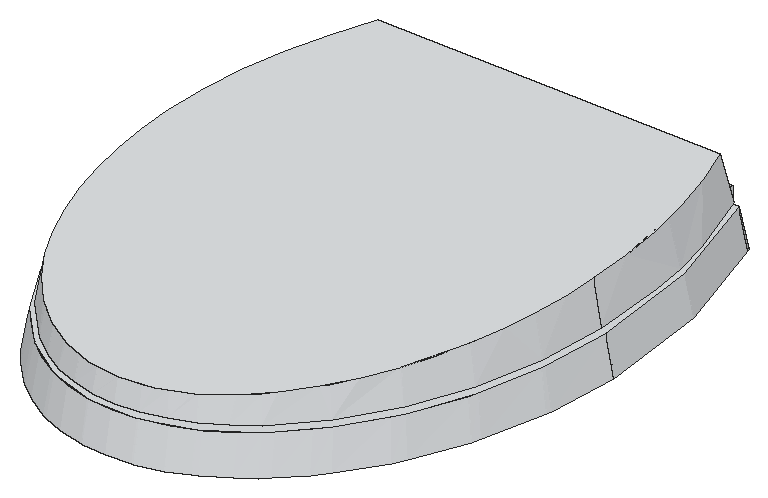
Revit family "Seat-Toilet_Transitional_SoftClose_SS114_TOTO", category Plumbing Fixtures, Revit 2013
Parameters
  ecoScorecard_data = " "
  ecoScorecard Product Page = "  "
  Width = 14 11/64"  # constant formula
  Waste Connection = no
  Warranty URL = "http://www.totousa.com/warranty-registration"
  Warranty = "One Year Limited Warranty"  # constant formula
  Vent Connection = no
  URL = "http://www.totousa.com"
  Toto BIM Number = "BM-00200"  # constant formula
  Symbolic Lines [instance] = not(Lid)  # no
  Subcategory = "Seats"  # constant formula
  Style = "Transitional"  # constant formula
  Spec Sheet URL = "http://assets.totousa.com/product-files/SS-00339_SS113_SS114.pdf"
  Shipping Weight = 6.60 lbf
  Series = "Soiree"  # constant formula
  Product Page URL = " "
  Parts Manual URL = " "
  Model = "SS114"  # constant formula
  Material = "Polypropylene"  # constant formula
  Manufacturer Toll Free Phone = "1-888-295-8134"  # constant formula
  Manufacturer Phone = "(770) 282-8686"  # constant formula
  Manufacturer Fax = "(770) 282-0002"  # constant formula
  Manufacturer Email = "mailto:custservice@totousa.com "
  Manufacturer Address = "1155 Southern Road, Morrow, Georgia 30260"  # constant formula
  Manufacturer = "TOTO USA, Inc."  # constant formula
  Lid [instance] = yes
  Length = 19 19/64"  # constant formula
  Industry Standards = "Meets and exceeds ASME A112.4.2, ASME A112.18.1/CSA B125.1, UL 1431, CSA C22.2 #68"  # constant formula
  Height = 2 5/8"  # constant formula
  HW Connection = no
  Finish = Plastic - TOTO - 01 Cotton
  Description = "Elongated Softclose Seat"  # constant formula
  Cost Info = "mailto:custservice@totousa.com"
  Color Availability = "#01 Cotton, #03 Bone, #11 Colonial White, #12 Sedona Beige, #51 Ebony"  # constant formula
  Code Compliance = "UPC, IPC, NSPC, NPC Canada, and others"  # constant formula
  Certification = "IAPMO(cUPC), Intertek, State of Massachusetts, City of Los Angeles and others"  # constant formula
  CW Connection = no
  CAD Drawing URL = "http://assets.totousa.com/product-files/AD-00218_SS214.dxf"
  Bowl Type = "Elongated"  # constant formula
  Assembly Code = "D2090900"
  95 CSI = "15416"  # constant formula
  04 CSI = "22 41 39"  # constant formula
Reference planes (in)
  plane 1 "Center (Front/Back)": y = 0
  plane 2: z = 0
  plane 3 "Center (Left/Right)": x = 0
  plane 4: x = -7.08594
  plane 5: x = 7.08594
  plane 6: y = 9.64844
  plane 7: y = -9.64844
  plane 8: z = 2.625
Dimensions and locks (in)
  equal spacing: plane 4, plane 3 "Center (Left/Right)", plane 5
  "Width": plane 4 to plane 5
  equal spacing: plane 7, plane 1 "Center (Front/Back)", plane 6
  "Length": plane 7 to plane 6
  "Height": plane 8 to level
  aligned and locked: plane 3 "Center (Left/Right)" to nested 1
  aligned and locked: plane 1 "Center (Front/Back)" to nested 1
  aligned and locked: nested 1 to plane 2
Nested families (in)
  nested 1: "SS114" at (0, 0, 0), type "SS114"
    with Symbolic Lines no, Lid Visibility yes
Definition of nested family "SS114"
  Parameters (values of type "01 Cotton")
    ecoScorecard_data = ""
    ecoScorecard Product Page = ""
    Waste Connection = no
    Vent Connection = no
    URL = "http://www.totousa.com"
    Toto Version = "V.01"  # constant formula
    Toto BIM Number = "BM-00200"  # constant formula
    Symbolic Lines [instance] = not(Lid Visibility)  # no
    Subcategory = "Seats"  # constant formula
    Shipping Weight = 6.60 lbf
    Seat Material = Plastic - TOTO - 01 Cotton
    Product URL = "http://www.totousa.com/ProductDetail/tabid/75/Default.aspx?ProductId=b8c3ad53-0f6f-4c2f-ba40-91fbb6f4710e&SearchId=71727e92-cec9-4efa-9909-0100ff9cb38b"
    Nominal Width = 14 11/64"  # constant formula
    Nominal Length = 19 19/64"  # constant formula
    Nominal Height = 2 5/8"  # constant formula
    Model = "SS114"  # constant formula
    Manufacturer = "TOTO"  # constant formula
    Lid Visibility [instance] = yes
    HW Connection = no
    Description = "Elongated Softclose Seat"
    CW Connection = no
    CADworks URL = "http://www.CADworks.net"
    Assembly Code = "D2090900"
  Types (6): name | Seat Material
    SS114 | Plastic - TOTO - 01 Cotton
    51 Ebony | Plastic - TOTO - 51 Ebony
    12 Sedona Beige | Plastic - TOTO - 12 Sedona Beige
    11 Colonial White | Plastic - TOTO - 11 Colonial White
    03 Bone | Plastic - TOTO - 03 Bone
    01 Cotton | Plastic - TOTO - 01 Cotton
  Reference planes (in)
    plane 1 "Center (Front/Back)": y = 0
    plane 2: z = 0
    plane 3 "Center (Left/Right)": x = 0
    plane 4: z = 1.25
    plane 5: z = 1.125
    plane 6: z = 2.625
    plane 7: y = 9.64844
    plane 8: x = 7.08594
    plane 9: x = -7.08594
    plane 10: y = -9.64844
  Forms (in)
    Blend 1, solid, material "Plastic - TOTO - 01 Cotton" <- "Seat Material", detail levels fine
      base sketch origin (0, -0.00195, 0) x (0, -1, 0) y (1, 0, 0)
        loop
          line (-6.80611, 4.11417) -> (-6.80611, -4.11417) -> (-8.28074, -4.11417) -> (-8.28074, -4.70472) -> (-7.91727, -4.70472) -> (-7.81803, -5.4109)
          arc (-7.81803, -5.4109) -> (-7.74234, -5.59105) -> (-7.5876, -5.71039) r 0.38281
          arc (-7.5876, -5.71039) -> (-4.25323, -6.73861) -> (-0.78125, -7.08594) r 17.527
          spline (-0.78125, -7.08594) -> (1.91765, -6.84449) -> (4.43262, -6.1366) -> (6.59227, -5.01051) -> (8.24943, -3.54297) -> (9.29117, -1.83398) -> (9.64648, 0) -> (9.29117, 1.83398) -> (8.24943, 3.54297) -> (6.59227, 5.01051) -> (4.43262, 6.1366) -> (1.91765, 6.84449) -> (-0.78125, 7.08594)
          arc (-0.78125, 7.08594) -> (-4.25323, 6.73861) -> (-7.5876, 5.71039) r 17.527
          arc (-7.5876, 5.71039) -> (-7.74234, 5.59105) -> (-7.81803, 5.4109) r 0.38281
          line (-7.81803, 5.4109) -> (-7.91727, 4.70472) -> (-8.28074, 4.70472) -> (-8.28074, 4.11417) -> (-6.80611, 4.11417)
      top sketch origin (0, -0.00195, 0) x (0, -1, 0) y (1, 0, 0)
        loop
          line (-6.80611, -4.11417) -> (-8.28074, -4.11417) -> (-8.28074, -4.70472) -> (-7.6806, -4.70472) -> (-7.58408, -5.39144)
          arc (-7.58408, -5.39144) -> (-7.5594, -5.45023) -> (-7.50893, -5.4892) r 0.125
          arc (-7.50893, -5.4892) -> (-4.21337, -6.50755) -> (-0.78125, -6.85156) r 17.29262
          spline (-0.78125, -6.85156) -> (1.83368, -6.62327) -> (4.27583, -5.95243) -> (6.38358, -4.8798) -> (8.01532, -3.46923) -> (9.05393, -1.80544) -> (9.41202, 0) -> (9.05393, 1.80544) -> (8.01532, 3.46923) -> (6.38358, 4.8798) -> (4.27583, 5.95243) -> (1.83368, 6.62327) -> (-0.78125, 6.85156)
          arc (-0.78125, 6.85156) -> (-4.21337, 6.50755) -> (-7.50893, 5.4892) r 17.29262
          arc (-7.50893, 5.4892) -> (-7.5594, 5.45023) -> (-7.58408, 5.39144) r 0.125
          line (-7.58408, 5.39144) -> (-7.6806, 4.70472) -> (-8.28074, 4.70472) -> (-8.28074, 4.11417) -> (-6.80611, 4.11417) -> (-6.80611, -4.11417)
      from 0 to 1.125
    Extrusion 2, void
      sketch origin (0, -0.00195, 0) x (0, -1, 0) y (1, 0, 0)
        loop
          spline (-0.81063, 3.93701) -> (-1.82338, 3.80286) -> (-2.76711, 3.40955) -> (-3.57751, 2.78388) -> (-4.19936, 1.9685) -> (-4.59026, 1.01897) -> (-4.72359, 0) -> (-4.59026, -1.01897) -> (-4.19936, -1.9685) -> (-3.57751, -2.78388) -> (-2.76711, -3.40955) -> (-1.82338, -3.80286) -> (-0.81063, -3.93701)
          spline (-0.81063, -3.93701) -> (1.23354, -3.80286) -> (3.1384, -3.40955) -> (4.77414, -2.78388) -> (6.02929, -1.9685) -> (6.81831, -1.01897) -> (7.08743, 0) -> (6.81831, 1.01897) -> (6.02929, 1.9685) -> (4.77414, 2.78388) -> (3.1384, 3.40955) -> (1.23354, 3.80286) -> (-0.81063, 3.93701)
      from 0 to 1.125
    Extrusion 3, solid, material "Plastic - TOTO - 01 Cotton" <- "Seat Material", detail levels fine
      sketch origin (0, -0.00195, 0) x (0, -1, 0) y (1, 0, 0)
        loop
          line (-6.93239, 3.4252) -> (-8.96681, 3.4252)
          arc (-8.96681, 3.4252) -> (-9.48112, 3.18633) -> (-9.63042, 2.63925) r 0.67313
          arc (-9.63042, 2.63925) -> (-9.40769, 0) -> (-9.63042, -2.63925) r 15.74803
          arc (-9.63042, -2.63925) -> (-9.48112, -3.18633) -> (-8.96681, -3.4252) r 0.67313
          line (-8.96681, -3.4252) -> (-6.93239, -3.4252) -> (-6.93239, 3.4252)
        loop
          arc (-8.77461, -2.98228) -> (-8.54824, -2.75591) -> (-8.77461, -2.52953) r 0.22638
          line (-8.77461, -2.52953) -> (-8.97147, -2.52953)
          arc (-8.97147, -2.52953) -> (-9.19784, -2.75591) -> (-8.97147, -2.98228) r 0.22638
          line (-8.97147, -2.98228) -> (-8.77461, -2.98228)
        loop
          arc (-8.77461, 2.52953) -> (-8.54824, 2.75591) -> (-8.77461, 2.98228) r 0.22638
          line (-8.77461, 2.98228) -> (-8.97147, 2.98228)
          arc (-8.97147, 2.98228) -> (-9.19784, 2.75591) -> (-8.97147, 2.52953) r 0.22638
          line (-8.97147, 2.52953) -> (-8.77461, 2.52953)
      from 0 to 1.125
    Extrusion 4, void
      sketch origin (0, -0.00195, 0) x (0, -1, 0) y (0, 0, 1)
        loop
          line (-9.76494, 0.3937) -> (-8.28074, 0.3937)
          arc (-8.28074, 0.3937) -> (-8.06654, 0.91081) -> (-7.54944, 1.125) r 0.7313
          line (-7.54944, 1.125) -> (-7.54944, 1.25) -> (-9.76494, 1.25) -> (-9.76494, 0.3937)
      from -7.08594 to 7.08594
    Blend 5, solid, material "Plastic - TOTO - 01 Cotton" <- "Seat Material", visible <- "Lid Visibility", detail levels fine
      base sketch origin (-180, 8.27878, 1.25) x (-1, 0, 0) y (0, -1, 0)
        loop
          arc (-186.73437, 7.49949) -> (-186.39269, 4.09063) -> (-185.38124, 0.8174) r 17.17544
          line (-185.38124, 0.8174) -> (-174.61876, 0.8174)
          arc (-174.61876, 0.8174) -> (-173.60731, 4.09063) -> (-173.26562, 7.49949) r 17.17544
          spline (-173.26562, 7.49949) -> (-173.49213, 10.09393) -> (-174.15703, 12.51468) -> (-175.21787, 14.59957) -> (-176.60774, 16.20769) -> (-178.23855, 17.22594) -> (-180, 17.57534) -> (-181.76145, 17.22594) -> (-183.39226, 16.20769) -> (-184.78213, 14.59957) -> (-185.84297, 12.51468) -> (-186.50787, 10.09393) -> (-186.73437, 7.49949)
      top sketch origin (-180, 8.27878, 1.25) x (-1, 0, 0) y (0, -1, 0)
        loop
          line (-185.19623, 1.09474) -> (-174.80377, 1.09474)
          arc (-174.80377, 1.09474) -> (-173.86117, 4.23565) -> (-173.54297, 7.49949) r 16.89809
          spline (-173.54297, 7.49949) -> (-173.7652, 10.04542) -> (-174.41605, 12.41553) -> (-175.44903, 14.44631) -> (-176.78987, 15.99853) -> (-178.34242, 16.9688) -> (-180, 17.29806) -> (-181.65758, 16.9688) -> (-183.21013, 15.99853) -> (-184.55097, 14.44631) -> (-185.58395, 12.41553) -> (-186.2348, 10.04542) -> (-186.45703, 7.49949)
          arc (-186.45703, 7.49949) -> (-186.13883, 4.23565) -> (-185.19623, 1.09474) r 16.89809
      from 0 to 1.375
    Extrusion 6, void
      sketch origin (0, -0.00195, 0) x (0, -1, 0) y (0, 0, 1)
        loop
          line (-9.65039, 2.625) -> (-7.186, 2.625)
          arc (-7.186, 2.625) -> (1.23859, 2.43741) -> (9.64648, 1.875) r 189.26326
          line (9.64648, 1.875) -> (9.64648, 2.875) -> (-9.65039, 2.875) -> (-9.65039, 2.625)
      from -7.08594 to 7.08594
    Extrusion 7, solid, material "Plastic - TOTO - 01 Cotton" <- "Seat Material", detail levels coarse
      sketch origin (0, 0, 0) x (1, 0, 0) y (0, 1, 0)
        loop
          line (-7.08594, 9.63799) -> (-7.08594, -9.64844) -> (7.08594, -9.64844) -> (7.08594, 9.63799) -> (-7.08594, 9.63799)
      from 0 to 2.625
    Extrusion 8, solid, material "Plastic - TOTO - 01 Cotton" <- "Seat Material", detail levels medium
      sketch origin (0, 0, 0) x (0, 1, 0) y (0, 0, 1)
        loop
          spline (9.63799, 2.60083) -> (8.17403, 2.62041) -> (6.63949, 2.62482) -> (5.04888, 2.61402) -> (3.41725, 2.58813) -> (1.76006, 2.54737) -> (0.09298, 2.49214) -> (-1.5682, 2.42297) -> (-3.20776, 2.34049) -> (-4.8102, 2.24551) -> (-6.36033, 2.1389) -> (-7.84349, 2.0217) -> (-9.24564, 1.89499)
          line (-9.24564, 1.89499) -> (-9.64844, 0) -> (9.63799, 0) -> (9.63799, 2.60083)
      from -7.08594 to 7.08594
  Cuts and joins
    Extrusion 2 cuts Blend 1
    Extrusion 6 cuts Blend 5
    Extrusion 4 cuts Extrusion 3
  Lines and regions (in)
    Masking region 1, visible <- "Lid Visibility", detail levels fine
      outline origin (0, 25.53621, 21.125) x (0, 1, 0) y (-1, 0, 0)
        loop
          arc (-24.75691, -7.08594) -> (-21.28493, -6.73861) -> (-17.95056, -5.71039) r 17.527
          arc (-17.95056, -5.71039) -> (-17.79582, -5.59105) -> (-17.72013, -5.4109) r 0.38281
          line (-17.72013, -5.4109) -> (-17.62089, -4.70472) -> (-17.25743, -4.70472) -> (-17.25743, -4.11417) -> (-18.07482, -4.11417) -> (-18.07482, -3.4252) -> (-16.57136, -3.4252)
          arc (-16.57136, -3.4252) -> (-16.05704, -3.18633) -> (-15.90774, -2.63925) r 0.67313
          arc (-15.90774, -2.63925) -> (-16.13048, 0) -> (-15.90774, 2.63925) r 15.74803
          arc (-15.90774, 2.63925) -> (-16.05704, 3.18633) -> (-16.57136, 3.4252) r 0.67313
          line (-16.57136, 3.4252) -> (-18.07482, 3.4252) -> (-18.07482, 4.11417) -> (-17.25743, 4.11417) -> (-17.25743, 4.70472) -> (-17.62089, 4.70472) -> (-17.72013, 5.4109)
          arc (-17.72013, 5.4109) -> (-17.79582, 5.59105) -> (-17.95056, 5.71039) r 0.38281
          arc (-17.95056, 5.71039) -> (-21.28493, 6.73861) -> (-24.75691, 7.08594) r 17.527
          spline (-24.75691, 7.08594) -> (-27.45581, 6.84449) -> (-29.97078, 6.1366) -> (-32.13043, 5.01051) -> (-33.78759, 3.54297) -> (-34.82933, 1.83398) -> (-35.18465, 0) -> (-34.82933, -1.83398) -> (-33.78759, -3.54297) -> (-32.13043, -5.01051) -> (-29.97078, -6.1366) -> (-27.45581, -6.84449) -> (-24.75691, -7.08594)
        loop
          line (-16.76355, 2.52953) -> (-16.5667, 2.52953)
          arc (-16.5667, 2.52953) -> (-16.34032, 2.75591) -> (-16.5667, 2.98228) r 0.22638
          line (-16.5667, 2.98228) -> (-16.76355, 2.98228)
          arc (-16.76355, 2.98228) -> (-16.98993, 2.75591) -> (-16.76355, 2.52953) r 0.22638
        loop
          line (-16.76355, -2.98228) -> (-16.5667, -2.98228)
          arc (-16.5667, -2.98228) -> (-16.34032, -2.75591) -> (-16.5667, -2.52953) r 0.22638
          line (-16.5667, -2.52953) -> (-16.76355, -2.52953)
          arc (-16.76355, -2.52953) -> (-16.98993, -2.75591) -> (-16.76355, -2.98228) r 0.22638
    Masking region 2, detail levels coarse+medium
      outline origin (0, 0, 0) x (1, 0, 0) y (0, 1, 0)
        loop
          line (7.08594, -9.64844) -> (7.08594, 9.63799) -> (-7.08594, 9.63799) -> (-7.08594, -9.64844) -> (7.08594, -9.64844)
    Masking region 3, detail levels medium
      outline origin (0, 0, 0) x (1, 0, 0) y (0, 1, 0)
        loop
          line (-7.08594, -9.64844) -> (7.08594, -9.64844) -> (7.08594, -9.24564) -> (-7.08594, -9.24564) -> (-7.08594, -9.64844)
    Masking region 4, detail levels fine
      outline origin (0, 0, 0) x (1, 0, 0) y (0, 1, 0)
        loop
          arc (-5.38124, 7.46139) -> (-6.39269, 4.18816) -> (-6.73437, 0.7793) r 17.17544
          spline (-6.73437, 0.7793) -> (-6.50787, -1.81514) -> (-5.84297, -4.23589) -> (-4.78213, -6.32079) -> (-3.39226, -7.9289) -> (-1.76145, -8.94716) -> (0, -9.29656) -> (1.76145, -8.94716) -> (3.39226, -7.9289) -> (4.78213, -6.32079) -> (5.84297, -4.23589) -> (6.50787, -1.81514) -> (6.73438, 0.7793)
          arc (6.73438, 0.7793) -> (6.39269, 4.18816) -> (5.38124, 7.46139) r 17.17544
          line (5.38124, 7.46139) -> (3.4252, 7.46139) -> (3.4252, 8.27878) -> (-3.4252, 8.27878) -> (-3.4252, 7.46139) -> (-5.38124, 7.46139)
    Masking region 5, detail levels fine
      outline origin (0, 0, 0) x (1, 0, 0) y (0, 1, 0)
        loop
          line (-4.70472, 8.27878) -> (-4.70472, 7.67864) -> (-5.39144, 7.58213)
          arc (-5.39144, 7.58213) -> (-5.45023, 7.55745) -> (-5.4892, 7.50698) r 0.125
          arc (-5.4892, 7.50698) -> (-6.50755, 4.21141) -> (-6.85156, 0.7793) r 17.29262
          spline (-6.85156, 0.7793) -> (-6.62327, -1.83563) -> (-5.95243, -4.27779) -> (-4.8798, -6.38554) -> (-3.46923, -8.01727) -> (-1.80544, -9.05589) -> (0, -9.41397) -> (1.80544, -9.05589) -> (3.46923, -8.01727) -> (4.8798, -6.38554) -> (5.95243, -4.27779) -> (6.62327, -1.83563) -> (6.85156, 0.7793)
          arc (6.85156, 0.7793) -> (6.50755, 4.21141) -> (5.4892, 7.50698) r 17.29262
          arc (5.4892, 7.50698) -> (5.45023, 7.55745) -> (5.39144, 7.58213) r 0.125
          line (5.39144, 7.58213) -> (4.70472, 7.67864) -> (4.70472, 8.27878) -> (4.11417, 8.27878) -> (4.11417, 7.46139) -> (5.38124, 7.46139)
          arc (5.38124, 7.46139) -> (6.39269, 4.18816) -> (6.73438, 0.7793) r 17.17544
          spline (6.73438, 0.7793) -> (6.50794, -1.81388) -> (5.8428, -4.23563) -> (4.78146, -6.32159) -> (3.39212, -7.92898) -> (1.76243, -8.9464) -> (0, -9.29602) -> (-1.76233, -8.94644) -> (-3.39226, -7.9289) -> (-4.7814, -6.32168) -> (-5.84276, -4.23571) -> (-6.50797, -1.81372) -> (-6.73437, 0.7793)
          arc (-6.73437, 0.7793) -> (-6.39269, 4.18816) -> (-5.38124, 7.46139) r 17.17544
          line (-5.38124, 7.46139) -> (-4.11417, 7.46139) -> (-4.11417, 8.27878) -> (-4.70472, 8.27878)
    Masking region 6, detail levels coarse
      outline origin (0, 0, 0) x (0, 1, 0) y (0, 0, 1)
        loop
          line (9.62847, 0) -> (9.62847, 2.625) -> (-9.64844, 2.625) -> (-9.64844, 0) -> (9.62847, 0)
    Masking region 7, detail levels medium
      outline origin (0, 0, 0) x (0, 1, 0) y (0, 0, 1)
        loop
          line (-9.24564, 1.89499) -> (-9.64844, 0) -> (9.63799, 0) -> (9.63799, 2.60083)
          spline (9.63799, 2.60083) -> (8.17403, 2.62041) -> (6.63949, 2.62482) -> (5.04888, 2.61402) -> (3.41725, 2.58813) -> (1.76006, 2.54737) -> (0.09298, 2.49214) -> (-1.5682, 2.42297) -> (-3.20776, 2.34049) -> (-4.8102, 2.24551) -> (-6.36033, 2.1389) -> (-7.84349, 2.0217) -> (-9.24564, 1.89499)
    Masking region 8, detail levels fine
      outline origin (0, 0, 0) x (0, 1, 0) y (0, 0, 1)
        loop
          line (-9.15797, 1.93714) -> (-9.29704, 1.25) -> (7.46139, 1.25) -> (7.18404, 2.625)
          spline (7.18404, 2.625) -> (5.83939, 2.61981) -> (4.45907, 2.60426) -> (3.0527, 2.57847) -> (1.63006, 2.54262) -> (0.20103, 2.49696) -> (-1.22445, 2.4418) -> (-2.63647, 2.37752) -> (-4.0252, 2.30458) -> (-5.38099, 2.22349) -> (-6.69441, 2.13479) -> (-7.95633, 2.03912) -> (-9.15797, 1.93714)
        loop
          line (8.27878, 0.3937) -> (8.27878, 1.125) -> (-9.41804, 1.125) -> (-9.64572, 0) -> (9.63799, 0) -> (9.63799, 0.3937) -> (8.27878, 0.3937)
    Masking region 9, detail levels fine
      outline origin (0, 0, 0) x (0, 1, 0) y (0, 0, 1)
        loop
          line (8.27878, 0) -> (8.27878, 1.125) -> (7.67864, 1.125) -> (7.91532, 0) -> (8.27878, 0)
    Masking region 10, detail levels coarse
      outline origin (0, 0, 0) x (1, 0, 0) y (0, 0, 1)
        loop
          line (7.08594, 2.625) -> (-7.08594, 2.625) -> (-7.08594, 0) -> (7.08594, 0) -> (7.08594, 2.625)
    Masking region 11, detail levels medium
      outline origin (0, 0, 0) x (1, 0, 0) y (0, 0, 1)
        loop
          line (-7.08594, 1.89499) -> (7.08594, 1.89499) -> (7.08594, 2.62515) -> (-7.08594, 2.62515) -> (-7.08594, 1.89499)
    Masking region 12, detail levels medium
      outline origin (0, 0, -1.89499) x (1, 0, 0) y (0, 0, 1)
        loop
          line (-7.08594, 1.89499) -> (7.08594, 1.89499) -> (7.08594, 3.78998) -> (-7.08594, 3.78998) -> (-7.08594, 1.89499)
    Masking region 13, detail levels fine
      outline origin (0, 0, 0) x (1, 0, 0) y (0, 0, 1)
        loop
          spline (6.47886, 2.5166) -> (6.46646, 2.53439) -> (6.43664, 2.55062) -> (6.38942, 2.5653) -> (6.32484, 2.57839) -> (6.24298, 2.58989) -> (6.14392, 2.59978) -> (6.02775, 2.60806) -> (5.89461, 2.61472) -> (5.74461, 2.61975) -> (5.57792, 2.62314) -> (5.39471, 2.62489) -> (5.19516, 2.625)
          line (5.19516, 2.625) -> (-5.21043, 2.625)
          spline (-5.21043, 2.625) -> (-5.40766, 2.62414) -> (-5.58874, 2.62178) -> (-5.75347, 2.61791) -> (-5.9017, 2.61255) -> (-6.03327, 2.60569) -> (-6.14805, 2.59734) -> (-6.24593, 2.58751) -> (-6.3268, 2.57622) -> (-6.39058, 2.56346) -> (-6.43721, 2.54927) -> (-6.46665, 2.53364) -> (-6.47885, 2.5166)
          spline (-6.47885, 2.5166) -> (-6.33577, 2.43059) -> (-5.86672, 2.32234) -> (-5.03889, 2.1978) -> (-3.79909, 2.06953) -> (-2.09393, 1.96241) -> (-0.00016, 1.91782) -> (2.09251, 1.96236) -> (3.79862, 2.06945) -> (5.03856, 2.19778) -> (5.86687, 2.32236) -> (6.33565, 2.43057) -> (6.47886, 2.5166)
        loop
          line (6.85156, 1.125) -> (-6.85156, 1.125) -> (-7.08594, 0) -> (7.08594, 0) -> (6.85156, 1.125)
    Masking region 14, detail levels fine
      outline origin (0, 0, 0) x (1, 0, 0) y (0, 0, 1)
        loop
          line (-6.73437, 1.25) -> (6.73438, 1.25) -> (6.46822, 2.5166)
          spline (6.46822, 2.5166) -> (6.32528, 2.43073) -> (5.85735, 2.32271) -> (5.03054, 2.19836) -> (3.79286, 2.07026) -> (2.08985, 1.96336) -> (0.00098, 1.9189) -> (-2.08898, 1.96342) -> (-3.79105, 2.07034) -> (-5.02859, 2.19838) -> (-5.85492, 2.32269) -> (-6.32311, 2.43075) -> (-6.46594, 2.5166)
          line (-6.46594, 2.5166) -> (-6.73437, 1.25)
  Dimensions and locks (in)
    locked: plane 5 to plane 2 at 1.125
    locked: plane 4 to plane 2 at 1.25
    "Nominal Height": plane 6 to plane 2
    equal spacing: plane 9, plane 3 "Center (Left/Right)", plane 8
    "Nominal Width": plane 9 to plane 8
    equal spacing: plane 7, plane 1 "Center (Front/Back)", plane 10
    "Nominal Length": plane 7 to plane 10
    locked: plane 3 "Center (Left/Right)" to Blend 1 sketch curve at 0
    locked: plane 10 to Blend 1 sketch curve at 0
    locked: plane 3 "Center (Left/Right)" to Extrusion 2 sketch curve at 0
    locked: Extrusion 2 sketch curve to plane 10 at 10.45711  (x2)
    locked: Extrusion 2 sketch curve to plane 3 "Center (Left/Right)" at 3.93701
    locked: Blend 5 sketch curve to plane 10 at 17.10982
    Blend 5 sketch curve to plane 10 = 10.42773"
    Blend 5 sketch curve to plane 3 "Center (Left/Right)" to Blend 5 sketch curve = 6 47/64" locked, 6 47/64" locked
    locked: Blend 5 sketch curve to plane 10 at 10.42773
    locked: Extrusion 6 sketch curve to plane 2 at 2.875
    locked: Extrusion 6 sketch curve to plane 10 at 16.83248
    locked: Extrusion 6 sketch curve to plane 2 at 1.875
    Extrusion 3 sketch curve to Extrusion 3 sketch curve to Extrusion 3 sketch curve to Extrusion 3 sketch curve to Extrusion 3 sketch curve to Extrusion 3 sketch curve to Extrusion 3 sketch curve to plane 10 = 0" locked, 0.23104" locked, 0" locked, 0.41857" locked, 0" locked, 1.61585" locked, 16.57887" locked
    Extrusion 3 sketch curve to Extrusion 3 sketch curve to Extrusion 3 sketch curve to plane 3 "Center (Left/Right)" to Extrusion 3 sketch curve to Extrusion 3 sketch curve to Extrusion 3 sketch curve = 0.44291" locked, 0.45276" locked, 2.52953" locked, 2.52953" locked, 0.45276" locked, 0.44291" locked
    Extrusion 3 sketch curve to plane 3 "Center (Left/Right)" to Extrusion 3 sketch curve = 2.63925" locked, 2.63925" locked
    locked: Extrusion 4 sketch curve to plane 2 at 0.3937
    locked: Extrusion 4 sketch curve to plane 7 at 0.11455
    locked: Extrusion 4 sketch curve to plane 10 at 17.19592
    locked: plane 10 to Masking region 1 sketch curve at 0
    radius of Extrusion 6 sketch curve = 189.26326"
    radius of Extrusion 4 sketch curve = 0.7313"
    aligned and locked: Extrusion 2 to plane 2
    aligned and locked: plane 5 to Extrusion 2
    aligned and locked: Blend 1 to plane 2
    aligned and locked: plane 5 to Blend 1
    aligned and locked: Blend 5 to plane 4
    aligned and locked: plane 6 to Blend 5
    aligned and locked: plane 7 to Extrusion 6 sketch curve
    aligned and locked: plane 10 to Extrusion 6 sketch curve
    aligned and locked: Extrusion 6 sketch curve to plane 6
    aligned and locked: plane 9 to Extrusion 6
    aligned and locked: Extrusion 6 to plane 8
    aligned and locked: plane 4 to Extrusion 4 sketch curve
    aligned and locked: plane 9 to Extrusion 4
    aligned and locked: Extrusion 4 to plane 8
    aligned and locked: Masking region 1 sketch curve to cut or joined group of Blend 1, Extrusion 2  (x9)
    aligned and locked: cut or joined group of Blend 1, Extrusion 2 to Masking region 1 sketch curve  (x2)
    aligned and locked: cut or joined group of Blend 5, Extrusion 6 to Masking region 1 sketch curve
    aligned and locked: Masking region 1 sketch curve to cut or joined group of Extrusion 3, Extrusion 4  (x4)
    aligned and locked: cut or joined group of Extrusion 3, Extrusion 4 to Masking region 1 sketch curve
    aligned and locked: cut or joined group of Extrusion 3, Extrusion 4 to plane 2
    aligned and locked: plane 5 to Extrusion 4 sketch curve
    aligned and locked: Masking region 2 sketch curve to plane 10
  Automatic sketch dimensions
    Blend 1 sketch curve to plane 9 = 0"
    plane 7 to Blend 1 sketch curve = 1.36965"  (x4)
    Blend 1 sketch curve to Blend 1 sketch curve = 0.36346"  (x2)
    Blend 1 sketch curve to Blend 1 sketch curve = 0.09925"  (x2)
    Blend 1 sketch curve to Blend 1 sketch curve = 0.23043"  (x2)
    Blend 1 sketch curve to Blend 1 sketch curve = 0"  (x4)
    Blend 1 sketch curve to Blend 1 sketch curve = 0.37909"  (x2)
    Blend 1 sketch curve to Blend 1 sketch curve = 1.11116"
    Blend 1 sketch curve to plane 1 "Center (Front/Back)" = 0.7793"  (x2)
    plane 9 to Blend 1 sketch curve = 3.35512"
    Blend 1 sketch curve to plane 3 "Center (Left/Right)" = 5.71039"
    Blend 1 sketch curve to Blend 1 sketch curve = 0.70617"
    Blend 1 sketch curve to Blend 1 sketch curve = 0.59055"  (x4)
    Blend 1 sketch curve to Blend 1 sketch curve = 1.29672"
    Blend 1 sketch curve to Blend 1 sketch curve = 0.60014"  (x2)
    Blend 1 sketch curve to Blend 1 sketch curve = 0.09651"  (x2)
    Blend 1 sketch curve to Blend 1 sketch curve = 0.07515"  (x2)
    Blend 1 sketch curve to Blend 1 sketch curve = 0.12378"  (x2)
    Blend 1 sketch curve to Blend 1 sketch curve = 0.87448"
    plane 8 to Blend 1 sketch curve = 15/64"
    plane 3 "Center (Left/Right)" to Blend 1 sketch curve = 5.4892"
    Blend 1 sketch curve to Blend 1 sketch curve = 0.68672"
    Blend 1 sketch curve to plane 9 = 2.97176"
    Blend 1 sketch curve to Blend 1 sketch curve = 0.66932"
    Blend 1 sketch curve to Blend 1 sketch curve = 0.0174"
    Extrusion 3 sketch curve to plane 3 "Center (Left/Right)" = 0"
    plane 7 to Extrusion 3 sketch curve = 0.01997"  (x2)
    Extrusion 3 sketch curve to Extrusion 3 sketch curve = 0"  (x2)
    Blend 5 sketch curve to plane 8 = 3.35512"  (x2)
    plane 3 "Center (Left/Right)" to Blend 5 sketch curve = 5.38124"
    Blend 5 sketch curve to plane 1 "Center (Front/Back)" = 0.7793"
    plane 8 to Blend 5 sketch curve = 161/256"
    plane 8 to Blend 5 sketch curve = 1.88971"
    Blend 5 sketch curve to plane 9 = 1.88971"
    Blend 5 sketch curve to plane 3 "Center (Left/Right)" = 6 117/256"
    Masking region 1 sketch curve to Masking region 1 sketch curve = 0.8174"
    Masking region 1 sketch curve to Masking region 1 sketch curve = 0.23043"
    plane 8 to Masking region 1 sketch curve = 1.67504"
    Masking region 1 sketch curve to Masking region 1 sketch curve = 0.36346"
    Masking region 1 sketch curve to Masking region 1 sketch curve = 0.19219"  (x2)
    Masking region 1 sketch curve to Masking region 1 sketch curve = 0"
    Masking region 1 sketch curve to Masking region 1 sketch curve = 0.00466"
    Masking region 1 sketch curve to Masking region 1 sketch curve = 0.19685"
    Masking region 1 sketch curve to Masking region 1 sketch curve = 0.23022"
    Masking region 1 sketch curve to Masking region 1 sketch curve = 0.00384"  (x2)
    Masking region 1 sketch curve to Masking region 1 sketch curve = 0.22253"
    Extrusion 7 sketch curve to plane 9 = 0"
    Extrusion 7 sketch curve to plane 8 = 0"
    Extrusion 7 sketch curve to plane 10 = 0"
    plane 7 to Extrusion 7 sketch curve = 0.01045"
    Extrusion 8 sketch curve to level = 0"
    Extrusion 8 sketch curve to plane 10 = 0"
    plane 10 to Extrusion 8 sketch curve = 0.40279"
    Extrusion 8 sketch curve to plane 5 = 0.10675"
    Extrusion 8 sketch curve to plane 1 "Center (Front/Back)" = 0.71569"
    plane 7 to Extrusion 8 sketch curve = 0.01045"
    plane 4 to Extrusion 8 sketch curve = 0.3589"
    plane 4 to Extrusion 8 sketch curve = 0.64499"
    Masking region 2 sketch curve to plane 9 = 0"
    Masking region 2 sketch curve to plane 8 = 0"
    plane 7 to Masking region 2 sketch curve = 0.01045"
    Masking region 3 sketch curve to plane 9 = 0"
    Masking region 3 sketch curve to plane 8 = 0"
    Masking region 3 sketch curve to plane 10 = 0"
    Masking region 3 sketch curve to Masking region 3 sketch curve = 0.40279"
    Masking region 4 sketch curve to plane 1 "Center (Front/Back)" = 0.7793"
    plane 9 to Masking region 4 sketch curve = 3.35512"
    Masking region 4 sketch curve to plane 9 = 45/128"
    Masking region 4 sketch curve to plane 9 = 1.7047"
    Masking region 4 sketch curve to Masking region 4 sketch curve = 1.95605"
    plane 3 "Center (Left/Right)" to Masking region 4 sketch curve = 3.4252"
    plane 8 to Masking region 4 sketch curve = 1.7047"
    plane 8 to Masking region 4 sketch curve = 45/128"
    Masking region 4 sketch curve to plane 8 = 3.35512"
    Masking region 4 sketch curve to Masking region 4 sketch curve = 0.8174"
    Masking region 5 sketch curve to Masking region 5 sketch curve = 0"  (x6)
    Masking region 5 sketch curve to plane 1 "Center (Front/Back)" = 0.7793"
    plane 9 to Masking region 5 sketch curve = 3.35512"
    Masking region 5 sketch curve to plane 9 = 15/64"
    Masking region 5 sketch curve to Masking region 5 sketch curve = 15/128"  (x2)
    Masking region 5 sketch curve to plane 9 = 1.59674"
    Masking region 5 sketch curve to Masking region 5 sketch curve = 0.09776"
    Masking region 5 sketch curve to Masking region 5 sketch curve = 0.10796"  (x2)
    Masking region 5 sketch curve to Masking region 5 sketch curve = 0.0072"  (x2)
    Masking region 5 sketch curve to Masking region 5 sketch curve = 0.68672"
    Masking region 5 sketch curve to Masking region 5 sketch curve = 0.59055"  (x2)
    plane 8 to Masking region 5 sketch curve = 2.97176"
    Masking region 5 sketch curve to Masking region 5 sketch curve = 0.66932"
    Masking region 5 sketch curve to Masking region 5 sketch curve = 0.0102"
    plane 8 to Masking region 5 sketch curve = 45/128"
    Masking region 5 sketch curve to plane 8 = 3.35512"
    Masking region 5 sketch curve to Masking region 5 sketch curve = 0.21726"  (x2)
    Masking region 5 sketch curve to Masking region 5 sketch curve = 0.8174"
    Masking region 5 sketch curve to Masking region 5 sketch curve = 0.60014"
    Masking region 6 sketch curve to level = 0"
    Masking region 6 sketch curve to plane 10 = 0"
    Masking region 6 sketch curve to plane 6 = 0"
    plane 7 to Masking region 6 sketch curve = 0.01997"
    Masking region 7 sketch curve to level = 0"
    Masking region 7 sketch curve to plane 10 = 0"
    plane 10 to Masking region 7 sketch curve = 0.40279"
    Masking region 7 sketch curve to plane 5 = 0.10675"
    Masking region 7 sketch curve to plane 1 "Center (Front/Back)" = 0.71569"
    plane 7 to Masking region 7 sketch curve = 0.01045"
    plane 4 to Masking region 7 sketch curve = 0.3589"
    plane 4 to Masking region 7 sketch curve = 0.64499"
    Masking region 8 sketch curve to level = 0"
    Masking region 8 sketch curve to plane 5 = 0"
    Masking region 8 sketch curve to plane 4 = 0"
    plane 10 to Masking region 8 sketch curve = 0.00272"
    plane 10 to Masking region 8 sketch curve = 0.2304"
    Masking region 8 sketch curve to Masking region 8 sketch curve = 0.121"
    plane 10 to Masking region 8 sketch curve = 0.49046"
    plane 5 to Masking region 8 sketch curve = 0.00635"
    Masking region 8 sketch curve to plane 1 "Center (Front/Back)" = 0.71186"
    plane 6 to Masking region 8 sketch curve = 0"
    plane 7 to Masking region 8 sketch curve = 2.4644"
    Masking region 8 sketch curve to Masking region 8 sketch curve = 71/256"
    Masking region 8 sketch curve to Masking region 8 sketch curve = 0.8174"
    plane 7 to Masking region 8 sketch curve = 0.01045"
    plane 4 to Masking region 8 sketch curve = 0.44914"
    level to Masking region 8 sketch curve = 0.3937"
    Masking region 9 sketch curve to plane 5 = 0"
    Masking region 9 sketch curve to level = 0"
    plane 7 to Masking region 9 sketch curve = 1.9698"
    Masking region 9 sketch curve to Masking region 9 sketch curve = 0.23668"
    Masking region 9 sketch curve to Masking region 9 sketch curve = 0.60014"
    Masking region 10 sketch curve to plane 6 = 0"
    plane 9 to Masking region 10 sketch curve = 0"
    Masking region 10 sketch curve to level = 0"
    plane 8 to Masking region 10 sketch curve = 0"
    plane 9 to Masking region 11 sketch curve = 0"
    plane 8 to Masking region 11 sketch curve = 0"
    plane 4 to Masking region 11 sketch curve = 0.64499"
    plane 6 to Masking region 11 sketch curve = 0.00015"
    plane 9 to Masking region 12 sketch curve = 0"
    plane 8 to Masking region 12 sketch curve = 0"
    Masking region 12 sketch curve to level = 0"
    plane 5 to Masking region 12 sketch curve = 0.76999"
    Masking region 13 sketch curve to level = 0"
    plane 9 to Masking region 13 sketch curve = 0"
    Masking region 13 sketch curve to plane 5 = 0"
    Masking region 13 sketch curve to plane 6 = 0"
    plane 8 to Masking region 13 sketch curve = 0"
    Masking region 13 sketch curve to plane 5 = 0.10675"
    plane 9 to Masking region 13 sketch curve = 3.51675"
    Masking region 13 sketch curve to plane 9 = 15/64"
    Masking region 13 sketch curve to plane 9 = 0.60677"
    Masking region 13 sketch curve to Masking region 13 sketch curve = 0.00031"
    Masking region 13 sketch curve to Masking region 13 sketch curve = 1.26843"
    plane 8 to Masking region 13 sketch curve = 1.89078"
    Masking region 13 sketch curve to plane 6 = 0.1084"
    plane 8 to Masking region 13 sketch curve = 0.60708"
    plane 8 to Masking region 13 sketch curve = 15/64"
    plane 5 to Masking region 13 sketch curve = 0.00635"
    Masking region 14 sketch curve to plane 4 = 0"
    Masking region 14 sketch curve to plane 9 = 45/128"
    Masking region 14 sketch curve to plane 9 = 0.62"
    Masking region 14 sketch curve to plane 6 = 0.1084"
    plane 8 to Masking region 14 sketch curve = 0.61771"
    plane 8 to Masking region 14 sketch curve = 45/128"
